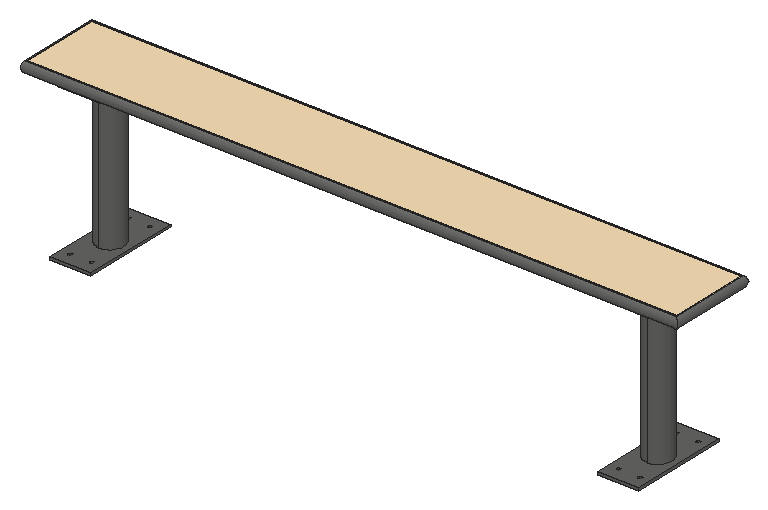
Revit family "Locker_Benches-Salsbury_Industries-Designer_Wood_77780D_Series", category Specialty Equipment, Revit 2016
Family settings
  Part Type = Normal
  Round Connector Dimension = Use Diameter
  OmniClass Number = 23.40.00.00
  OmniClass Title = Equipment and Furnishings
  Work Plane-Based = No
  Always vertical = Yes
  Cut with Voids When Loaded = No
  Shared = No
  Room Calculation Point = No
Parameters (values of type "77786D")
  Width = 72.375"
  Version = "1.0 (11/16/18)"
  URL = "www.lockers.com"
  Type Comments = "Designer Wood Locker Bench"
  Trim Material = Rubber Trim - Salsbury Finish - Black
  Secondary Material = Melamine - Salsbury Finish - White
  Pedestal Material = Aluminum - Salsbury Finish - Black Satin
  Primary Material = Wood Laminate - Salsbury Finish - Maple with Industrial Grade Particleboard Underlay
  Pedestal Offset = 6.000"
  OmniClass 23 Title = "Equipment and Furnishings"
  OmniClass 23 Number = "23.40.00.00"
  Model = "77786D"
  MasterFormat Title = "Locker Room Benches"
  MasterFormat Number = "10 51 53"
  Manufacturer = "Salsbury Industries"
  Height = 18.000"
  Description = "72 Inches Wide"
  Depth = 9.750"
  Assembly Code = "C1030310"
Types (7): name | Width | Pedestal Offset | Model | Description
  (no name) | 72.375" | 6.000" | "77786D" | "72 Inches Wide"
  77786D | 72.375" | 6.000" | "77786D" | "72 Inches Wide"
  77787D | 84.375" | 12.000" | "77787D" | "84 Inches Wide"
  77788D | 96.375" | 12.000" | "77788D" | "96 Inches Wide"
  77785D | 60.375" | 6.000" | "77785D" | "60 Inches Wide"
  77784D | 48.375" | 6.000" | "77784D" | "48 Inches Wide"
  77783D | 36.375" | 6.000" | "77783D" | "36 Inches Wide"
Reference planes (in)
  plane 1 "Center (Front/Back)": y = 0
  plane 2 "Floor": z = 0
  plane 3 "Center (Left/Right)": x = 0
  plane 4 "Back of Bench": y = -4.875
  plane 5 "Front Side of Bench": y = 4.875
  plane 6 "Right Side of Bench": x = 36.1875
  plane 7 "Left Side of Bench": x = -36.1875
  plane 8 "Top of Bench": z = 18
  plane 9: z = 16.8125
  plane 10: y = -4.2349
  plane 11: z = 17.9375
  plane 12 "Left Side of Trim Curve": x = -35.9375
  plane 13 "Right Side of Trim Curve": x = 35.9375
  plane 14 "Back of Trim Curve": y = -4.625
  plane 15 "Front of Trim Curve": y = 4.625
  plane 16 "Left Side of PLAM": x = -35.8125
  plane 17 "Right Side of PLAM": x = 35.8125
  plane 18: y = 4.25
  plane 19: y = -4.25
  plane 20 "Left Pedestal Center": x = -30.1875
  plane 21 "Right Pedestal Center": x = 30.1875
  plane 22: x = -32.4375
  plane 23: x = -27.9375
  plane 24: x = 27.9375
  plane 25: x = 32.4375
  plane 26: y = 4.25
  plane 27: y = -4.25
  plane 28: y = 5.5
  plane 29: y = -5.5
  plane 30 "Top of Bottom Pedestal Plate": z = 0.25
  plane 31 "Bottom of Top Pedestal Plate": z = 16.5625
  plane 32: y = -4
  plane 33: y = 4
  plane 34: x = -31.3745
  plane 35: x = -29.0005
  plane 36: x = 29.0005
  plane 37: x = 31.3745
  plane 38: x = -31.68885
  plane 39: x = -28.6875
  plane 40: x = 28.6875
  plane 41: x = 31.6875
  plane 42: y = -1.49831
  plane 43: y = 1.5
  plane 44 "Front of PLAM": y = 4.5
  plane 45 "Back of PLAM": y = -4.5
  plane 46 "White Melamine Edge": z = 16.8435
  plane 47 "Left Edge of Support": x = -27.6875
  plane 48 "Right Edge of Support": x = 27.6875
  plane 49: y = -2.25
  plane 50: y = 2.25
  plane 51: z = 15.3125
  plane 52: y = -1.75
  plane 53: y = 1.75
  plane 54: y = -2.219
  plane 55: y = 2.219
  plane 56: y = 1.781
  plane 57: y = -1.781
  plane 58: z = 15.3435
  plane 59: z = 16.7815
Forms (in)
  Extrusion 1, solid, material "Aluminum - Salsbury Finish - Black Satin" <- "Pedestal Material"
    sketch origin (0, 0, 0) x (1, 0, 0) y (0, 1, 0)
      loop
        line (-32.4375, 5.5) -> (-32.4375, -5.5) -> (-27.9375, -5.5) -> (-27.9375, 5.5) -> (-32.4375, 5.5)
    from 0 to 0.25
  Extrusion 2, solid, material "Aluminum - Salsbury Finish - Black Satin" <- "Pedestal Material"
    sketch origin (0, 0, 16.5625) x (0, -1, 0) y (1, 0, 0)
      loop
        line (-4.25, -32.4375) -> (4.25, -32.4375) -> (4.25, -27.9375) -> (-4.25, -27.9375) -> (-4.25, -32.4375)
    from 0 to 0.25
  Extrusion 3, solid, material "Aluminum - Salsbury Finish - Black Satin" <- "Pedestal Material"
    sketch origin (0, 0, 0.25) x (0, -1, 0) y (1, 0, 0)
      loop
        circle (0, -30.1875) r 1.5
    from 0 to 16.3125
  Extrusion 4, solid, material "Aluminum - Salsbury Finish - Black Satin" <- "Pedestal Material"
    sketch origin (0, 0, 0) x (-1, 0, 0) y (0, -1, 0)
      loop
        line (-32.4375, -5.5) -> (-27.9375, -5.5) -> (-27.9375, 5.5) -> (-32.4375, 5.5) -> (-32.4375, -5.5)
    from 0 to 0.25
  Extrusion 5, solid, material "Aluminum - Salsbury Finish - Black Satin" <- "Pedestal Material"
    sketch origin (0, 0, 16.5625) x (0, -1, 0) y (1, 0, 0)
      loop
        line (-4.25, 32.4375) -> (-4.25, 27.9375) -> (4.25, 27.9375) -> (4.25, 32.4375) -> (-4.25, 32.4375)
    from 0 to 0.25
  Extrusion 6, solid, material "Aluminum - Salsbury Finish - Black Satin" <- "Pedestal Material"
    sketch origin (0, 0, 0.25) x (0, -1, 0) y (1, 0, 0)
      loop
        circle (0, 30.1875) r 1.5
    from 0 to 16.3125
  Extrusion 7, void
    sketch origin (0, 0, 0) x (1, 0, 0) y (0, 1, 0)
      loop
        circle (-31.3745, 4) r 0.188
      loop
        circle (-29.0005, 4) r 0.188
      loop
        circle (-31.3745, -4) r 0.188
      loop
        circle (-29.0005, -4) r 0.188
    from 0 to 0.25
  Extrusion 8, void
    sketch origin (0, 0, 0) x (-1, 0, 0) y (0, -1, 0)
      loop
        circle (-31.3745, -4) r 0.188
      loop
        circle (-29.0005, -4) r 0.188
      loop
        circle (-31.3745, 4) r 0.188
      loop
        circle (-29.0005, 4) r 0.188
    from 0 to 0.25
  Sweep 9, solid, material "Rubber Trim - Salsbury Finish - Black" <- "Trim Material"
    path origin (0, 0, 18) x (0, -1, 0) y (1, 0, 0)
      loop
        line (4.875, -36.1875) -> (4.875, 36.1875) -> (-4.875, 36.1875) -> (-4.875, -36.1875) -> (4.875, -36.1875)
    profile origin (-36.1875, 0, 18) x (-1, 0, 0) y (0, 0, 1)
      loop
        line (-0.375, 0) -> (-0.375, -1.1875) -> (-0.25, -1.1875)
        arc (-0.25, -1.1875) -> (0.00021, -0.59375) -> (-0.25, 0) r 0.8296
        line (-0.25, 0) -> (-0.375, 0)
  Extrusion 10, solid, material "Melamine - Salsbury Finish - White" <- "Secondary Material"
    sketch origin (0, 0, 16.8435) x (1, 0, 0) y (0, 1, 0)
      loop
        line (-35.8125, 4.5) -> (-35.8125, -4.5) -> (35.8125, -4.5) -> (35.8125, 4.5) -> (-35.8125, 4.5)
    from 0 to -0.031
  Extrusion 11, solid, material "Wood Laminate - Salsbury Finish - Maple with Industrial Grade Particleboard Underlay" <- "Primary Material"
    sketch origin (0, 0, 18) x (0, -1, 0) y (1, 0, 0)
      loop
        line (-4.5, -35.8125) -> (4.5, -35.8125) -> (4.5, 35.8125) -> (-4.5, 35.8125) -> (-4.5, -35.8125)
    from -1.1565 to 0
  Extrusion 12, solid, material "Aluminum - Salsbury Finish - Black Satin" <- "Pedestal Material", detail levels medium+fine
    sketch origin (-27.6875, 0, 0) x (0, -1, 0) y (0, 0, 1)
      loop
        line (2.25, 16.8125) -> (-2.25, 16.8125) -> (-2.25, 15.3125) -> (-1.75, 15.3125) -> (-1.75, 15.3435) -> (-2.219, 15.3435) -> (-2.219, 16.7815) -> (2.219, 16.7815) -> (2.219, 15.3435) -> (1.75, 15.3435) -> (1.75, 15.3125) -> (2.25, 15.3125) -> (2.25, 16.8125)
    from -55.375 to 0
Cuts and joins
  Extrusion 7, Extrusion 8 cuts Extrusion 1
  Extrusion 8 cuts Extrusion 4
Lines and regions (in)
  symbolic lines
    curve 1: line (-32.4375, 5.5, 0) -> (-27.9375, 5.5, 0)
    curve 2: line (-27.9375, 5.5, 0) -> (-27.9375, 4.875, 0)
    curve 3: line (-32.4375, 5.5, 0) -> (-32.4375, 4.875, 0)
    curve 4: line (-32.4375, -5.5, 0) -> (-27.9375, -5.5, 0)
    curve 5: line (-27.9375, -5.5, 0) -> (-27.9375, -4.875, 0)
    curve 6: line (-32.4375, -5.5, 0) -> (-32.4375, -4.875, 0)
    curve 7: line (27.9375, 5.5, 0) -> (32.4375, 5.5, 0)
    curve 8: line (32.4375, 5.5, 0) -> (32.4375, 4.875, 0)
    curve 9: line (27.9375, 5.5, 0) -> (27.9375, 4.875, 0)
    curve 10: line (27.9375, -5.5, 0) -> (32.4375, -5.5, 0)
    curve 11: line (32.4375, -5.5, 0) -> (32.4375, -4.875, 0)
    curve 12: line (27.9375, -5.5, 0) -> (27.9375, -4.875, 0)
    curve 13: line (-36.1875, 0, 18) -> (36.1875, 0, 18)
    curve 14: line (-36.1875, 0, 16.8125) -> (-36.1875, 0, 18)
    curve 15: line (36.1875, 0, 16.8125) -> (-36.1875, 0, 16.8125)
    curve 16: line (36.1875, 0, 18) -> (36.1875, 0, 16.8125)
    curve 17: line (-32.4375, 0, 16.5625) -> (-27.9375, 0, 16.5625)
    curve 18: line (-32.4375, 0, 16.8125) -> (-32.4375, 0, 16.5625)
    curve 19: line (-27.9375, 0, 16.5625) -> (-27.9375, 0, 16.8125)
    curve 20: line (-32.4375, 0, 0.25) -> (-27.9375, 0, 0.25)
    curve 21: line (-32.4375, 0, 0) -> (-32.4375, 0, 0.25)
    curve 22: line (-27.9375, 0, 0) -> (-32.4375, 0, 0)
    curve 23: line (-27.9375, 0, 0.25) -> (-27.9375, 0, 0)
    curve 24: line (-31.68885, 0, 0.25) -> (-31.68885, 0, 16.5625)
    curve 25: line (-28.6875, 0, 0.25) -> (-28.6875, 0, 16.5625)
    curve 26: line (27.9375, 0, 16.5625) -> (27.9375, 0, 16.8125)
    curve 27: line (32.4375, 0, 16.5625) -> (27.9375, 0, 16.5625)
    curve 28: line (32.4375, 0, 16.8125) -> (32.4375, 0, 16.5625)
    curve 29: line (27.9375, 0, 0.25) -> (32.4375, 0, 0.25)
    curve 30: line (27.9375, 0, 0) -> (27.9375, 0, 0.25)
    curve 31: line (32.4375, 0, 0) -> (27.9375, 0, 0)
    curve 32: line (32.4375, 0, 0.25) -> (32.4375, 0, 0)
    curve 33: line (28.6875, 0, 0.25) -> (28.6875, 0, 16.5625)
    curve 34: line (31.6875, 0, 0.25) -> (31.6875, 0, 16.5625)
    curve 35: line (36.1875, -4.875, 18) -> (36.1875, 4.875, 18)
    curve 36: line (36.1875, -4.875, 16.8125) -> (36.1875, -4.875, 18)
    curve 37: line (36.1875, 4.875, 16.8125) -> (36.1875, -4.875, 16.8125)
    curve 38: line (36.1875, 4.875, 18) -> (36.1875, 4.875, 16.8125)
    curve 39: line (36.1875, -4.25, 16.5625) -> (36.1875, -4.25, 16.8125)
    curve 40: line (36.1875, 4.25, 16.5625) -> (36.1875, -4.25, 16.5625)
    curve 41: line (36.1875, 4.25, 16.8125) -> (36.1875, 4.25, 16.5625)
    curve 42: line (36.1875, -5.5, 0.25) -> (36.1875, 5.5, 0.25)
    curve 43: line (36.1875, -5.5, 0) -> (36.1875, -5.5, 0.25)
    curve 44: line (36.1875, 5.5, 0) -> (36.1875, -5.5, 0)
    curve 45: line (36.1875, 5.5, 0.25) -> (36.1875, 5.5, 0)
    curve 46: line (36.1875, 1.5, 0.25) -> (36.1875, 1.5, 16.5625)
    curve 47: line (36.1875, -1.49831, 0.25) -> (36.1875, -1.49831, 16.5625)
    curve 48: line (-36.1875, 4.875, 18) -> (36.1875, 4.875, 18)
    curve 49: line (-36.1875, -4.875, 18) -> (-36.1875, 4.875, 18)
    curve 50: line (36.1875, -4.875, 18) -> (-36.1875, -4.875, 18)
    curve 51: line (36.1875, 4.875, 18) -> (36.1875, -4.875, 18)
Dimensions and locks (in)
  equal spacing: plane 7 "Left Side of Bench", plane 3 "Center (Left/Right)", plane 6 "Right Side of Bench"
  "Width": plane 7 "Left Side of Bench" to plane 6 "Right Side of Bench"
  equal spacing: plane 4 "Back of Bench", plane 1 "Center (Front/Back)", plane 5 "Front Side of Bench"
  "Depth": plane 4 "Back of Bench" to plane 5 "Front Side of Bench"
  "Height": plane 8 "Top of Bench" to plane 2 "Floor"
  locked: plane 9 to plane 8 "Top of Bench" at 1.1875
  locked: plane 11 to plane 8 "Top of Bench" at 0.0625
  locked: plane 7 "Left Side of Bench" to plane 12 "Left Side of Trim Curve" at 0.25
  locked: plane 13 "Right Side of Trim Curve" to plane 6 "Right Side of Bench" at 0.25
  plane 4 "Back of Bench" to plane 14 "Back of Trim Curve" to plane 45 "Back of PLAM" = 0.250" locked, 0.125" locked
  plane 44 "Front of PLAM" to plane 15 "Front of Trim Curve" to plane 5 "Front Side of Bench" = 0.125" locked, 0.250" locked
  locked: plane 12 "Left Side of Trim Curve" to plane 16 "Left Side of PLAM" at 0.125
  locked: plane 17 "Right Side of PLAM" to plane 13 "Right Side of Trim Curve" at 0.125
  locked: plane 18 to plane 5 "Front Side of Bench" at 0.625
  locked: plane 4 "Back of Bench" to plane 19 at 0.625
  "Pedestal Offset": plane 7 "Left Side of Bench" to plane 20 "Left Pedestal Center"
  "Pedestal Offset": plane 21 "Right Pedestal Center" to plane 6 "Right Side of Bench"
  plane 24 to plane 21 "Right Pedestal Center" to plane 25 = 2.250" locked, 2.250" locked
  plane 22 to plane 20 "Left Pedestal Center" to plane 23 = 2.250" locked, 2.250" locked
  plane 27 to plane 1 "Center (Front/Back)" to plane 26 = 4.250" locked, 4.250" locked
  plane 29 to plane 1 "Center (Front/Back)" to plane 28 = 5.500" locked, 5.500" locked
  locked: plane 30 "Top of Bottom Pedestal Plate" to plane 2 "Floor" at 0.25
  locked: plane 9 to plane 31 "Bottom of Top Pedestal Plate" at 0.25
  locked: plane 33 to plane 28 at 1.5
  locked: plane 29 to plane 32 at 1.5
  locked: plane 22 to plane 34 at 1.063
  locked: plane 35 to plane 23 at 1.063
  locked: plane 24 to plane 36 at 1.063
  locked: plane 37 to plane 25 at 1.063
  locked: plane 22 to plane 38 at 0.74865
  locked: plane 39 to plane 23 at 0.75
  locked: plane 24 to plane 40 at 0.75
  locked: plane 41 to plane 25 at 0.75
  locked: plane 9 to plane 46 "White Melamine Edge" at 0.031
  locked: plane 23 to plane 47 "Left Edge of Support" at 0.25
  locked: plane 48 "Right Edge of Support" to plane 24 at 0.25
  plane 49 to plane 1 "Center (Front/Back)" to plane 50 = 2.250" locked, 2.250" locked
  locked: plane 51 to plane 9 at 1.5
  locked: plane 49 to plane 52 at 0.5
  locked: plane 53 to plane 50 at 0.5
  locked: plane 51 to plane 58 at 0.031
  locked: plane 55 to plane 50 at 0.031
  locked: plane 53 to plane 56 at 0.031
  locked: plane 49 to plane 54 at 0.031
  locked: plane 57 to plane 52 at 0.031
  locked: plane 59 to plane 9 at 0.031
  aligned and locked: plane 2 "Floor" to level
  aligned and locked: Extrusion 1 sketch curve to plane 28
  aligned and locked: Extrusion 1 sketch curve to plane 22
  aligned and locked: plane 29 to Extrusion 1 sketch curve
  aligned and locked: plane 23 to Extrusion 1 sketch curve
  aligned and locked: Extrusion 1 to plane 30 "Top of Bottom Pedestal Plate"
  aligned and locked: Extrusion 1 to plane 2 "Floor"
  aligned and locked: Extrusion 2 sketch curve to plane 26
  aligned and locked: plane 22 to Extrusion 2 sketch curve
  aligned and locked: plane 27 to Extrusion 2 sketch curve
  aligned and locked: Extrusion 2 sketch curve to plane 23
  aligned and locked: plane 31 "Bottom of Top Pedestal Plate" to Extrusion 2
  aligned and locked: Extrusion 2 to plane 9
  aligned and locked: plane 20 "Left Pedestal Center" to Extrusion 3 sketch curve
  aligned and locked: plane 1 "Center (Front/Back)" to Extrusion 3 sketch curve
  aligned and locked: plane 30 "Top of Bottom Pedestal Plate" to Extrusion 3
  aligned and locked: Extrusion 3 to plane 31 "Bottom of Top Pedestal Plate"
  aligned and locked: Extrusion 4 sketch curve to plane 28
  aligned and locked: plane 24 to Extrusion 4 sketch curve
  aligned and locked: Extrusion 4 sketch curve to plane 25
  aligned and locked: plane 29 to Extrusion 4 sketch curve
  aligned and locked: Extrusion 4 to plane 2 "Floor"
  aligned and locked: plane 24 to Extrusion 5 sketch curve
  aligned and locked: Extrusion 5 sketch curve to plane 26
  aligned and locked: plane 27 to Extrusion 5 sketch curve
  aligned and locked: Extrusion 5 sketch curve to plane 25
  aligned and locked: Extrusion 5 to plane 9
  aligned and locked: plane 31 "Bottom of Top Pedestal Plate" to Extrusion 5
  aligned and locked: plane 21 "Right Pedestal Center" to Extrusion 6 sketch curve
  aligned and locked: plane 1 "Center (Front/Back)" to Extrusion 6 sketch curve
  aligned and locked: plane 34 to Extrusion 7 sketch curve  (x2)
  aligned and locked: plane 33 to Extrusion 7 sketch curve  (x2)
  aligned and locked: plane 35 to Extrusion 7 sketch curve  (x2)
  aligned and locked: plane 32 to Extrusion 7 sketch curve  (x2)
  aligned and locked: Extrusion 7 to plane 30 "Top of Bottom Pedestal Plate"
  aligned and locked: Extrusion 7 to plane 2 "Floor"
  aligned and locked: Extrusion 8 to plane 2 "Floor"
  aligned and locked: Extrusion 8 to plane 30 "Top of Bottom Pedestal Plate"
  aligned and locked: Extrusion 8 sketch curve to plane 33  (x2)
  aligned and locked: plane 36 to Extrusion 8 sketch curve  (x2)
  aligned and locked: plane 37 to Extrusion 8 sketch curve  (x2)
  aligned and locked: Extrusion 8 sketch curve to plane 32  (x2)
  aligned and locked: Extrusion 6 to plane 31 "Bottom of Top Pedestal Plate"
  aligned and locked: plane 30 "Top of Bottom Pedestal Plate" to Extrusion 6
  aligned and locked: curve 1 to plane 28
  aligned and locked: curve 2 to plane 28
  aligned and locked: plane 5 "Front Side of Bench" to curve 2
  aligned and locked: plane 23 to curve 2
  aligned and locked: plane 22 to curve 3
  aligned and locked: curve 4 to plane 29
  aligned and locked: curve 5 to plane 23
  aligned and locked: curve 6 to plane 22
  aligned and locked: plane 28 to curve 7
  aligned and locked: plane 24 to curve 9
  aligned and locked: plane 28 to curve 8
  aligned and locked: plane 25 to curve 8
  aligned and locked: plane 29 to curve 10
  aligned and locked: curve 12 to plane 24
  aligned and locked: plane 4 "Back of Bench" to curve 11
  aligned and locked: curve 11 to plane 25
  aligned and locked: curve 14 to plane 7 "Left Side of Bench"
  aligned and locked: plane 6 "Right Side of Bench" to curve 16
  aligned and locked: curve 13 to plane 8 "Top of Bench"
  aligned and locked: curve 15 to plane 9
  aligned and locked: plane 31 "Bottom of Top Pedestal Plate" to curve 17
  aligned and locked: curve 19 to plane 23
  aligned and locked: plane 22 to curve 18
  aligned and locked: plane 2 "Floor" to curve 22
  aligned and locked: plane 23 to curve 23
  aligned and locked: plane 30 "Top of Bottom Pedestal Plate" to curve 20
  aligned and locked: curve 21 to plane 22
  aligned and locked: plane 30 "Top of Bottom Pedestal Plate" to curve 24
  aligned and locked: plane 31 "Bottom of Top Pedestal Plate" to curve 24
  aligned and locked: curve 24 to plane 38
  aligned and locked: curve 25 to plane 39
  aligned and locked: curve 27 to plane 31 "Bottom of Top Pedestal Plate"
  aligned and locked: curve 26 to plane 24
  aligned and locked: plane 25 to curve 28
  aligned and locked: plane 2 "Floor" to curve 31
  aligned and locked: curve 30 to plane 24
  aligned and locked: plane 25 to curve 32
  aligned and locked: plane 30 "Top of Bottom Pedestal Plate" to curve 29
  aligned and locked: plane 30 "Top of Bottom Pedestal Plate" to curve 33
  aligned and locked: plane 31 "Bottom of Top Pedestal Plate" to curve 33
  aligned and locked: curve 33 to plane 40
  aligned and locked: curve 34 to plane 41
  aligned and locked: plane 5 "Front Side of Bench" to curve 38
  aligned and locked: curve 36 to plane 4 "Back of Bench"
  aligned and locked: plane 26 to curve 41
  aligned and locked: curve 39 to plane 27
  aligned and locked: plane 2 "Floor" to curve 44
  aligned and locked: plane 28 to curve 45
  aligned and locked: curve 43 to plane 29
  aligned and locked: plane 30 "Top of Bottom Pedestal Plate" to curve 46
  aligned and locked: plane 31 "Bottom of Top Pedestal Plate" to curve 46
  aligned and locked: plane 30 "Top of Bottom Pedestal Plate" to curve 47
  aligned and locked: plane 31 "Bottom of Top Pedestal Plate" to curve 47
  aligned and locked: curve 46 to plane 43
  aligned and locked: curve 47 to plane 42
  aligned and locked: plane 8 "Top of Bench" to curve 35
  aligned and locked: curve 37 to plane 9
  aligned and locked: plane 9 to Sweep 9 sketch curve
  aligned and locked: plane 8 "Top of Bench" to Sweep 9 sketch curve
  aligned and locked: plane 16 "Left Side of PLAM" to Sweep 9 sketch curve
  aligned and locked: Sweep 9 sketch curve to plane 5 "Front Side of Bench"
  aligned and locked: Sweep 9 sketch curve to plane 7 "Left Side of Bench"
  aligned and locked: Sweep 9 sketch curve to plane 6 "Right Side of Bench"
  aligned and locked: Sweep 9 sketch curve to plane 4 "Back of Bench"
  aligned and locked: Extrusion 10 sketch curve to plane 45 "Back of PLAM"
  aligned and locked: plane 17 "Right Side of PLAM" to Extrusion 10 sketch curve
  aligned and locked: plane 44 "Front of PLAM" to Extrusion 10 sketch curve
  aligned and locked: Extrusion 10 sketch curve to plane 16 "Left Side of PLAM"
  aligned and locked: Extrusion 10 to plane 46 "White Melamine Edge"
  aligned and locked: plane 9 to Extrusion 10
  aligned and locked: Extrusion 11 sketch curve to plane 45 "Back of PLAM"
  aligned and locked: plane 17 "Right Side of PLAM" to Extrusion 11 sketch curve
  aligned and locked: plane 44 "Front of PLAM" to Extrusion 11 sketch curve
  aligned and locked: Extrusion 11 sketch curve to plane 16 "Left Side of PLAM"
  aligned and locked: plane 46 "White Melamine Edge" to Extrusion 11
  aligned and locked: Extrusion 11 to plane 8 "Top of Bench"
  aligned and locked: plane 9 to Extrusion 12 sketch curve
  aligned and locked: Extrusion 12 sketch curve to plane 51
  aligned and locked: plane 50 to Extrusion 12 sketch curve
  aligned and locked: Extrusion 12 sketch curve to plane 49
  aligned and locked: plane 51 to Extrusion 12 sketch curve
  aligned and locked: plane 53 to Extrusion 12 sketch curve
  aligned and locked: Extrusion 12 sketch curve to plane 58
  aligned and locked: plane 55 to Extrusion 12 sketch curve
  aligned and locked: plane 59 to Extrusion 12 sketch curve
  aligned and locked: Extrusion 12 sketch curve to plane 54
  aligned and locked: plane 52 to Extrusion 12 sketch curve
  aligned and locked: plane 58 to Extrusion 12 sketch curve
  aligned and locked: plane 47 "Left Edge of Support" to Extrusion 12
  aligned and locked: Extrusion 12 to plane 48 "Right Edge of Support"
  aligned and locked: curve 50 to plane 4 "Back of Bench"
  aligned and locked: plane 6 "Right Side of Bench" to curve 51
  aligned and locked: curve 49 to plane 7 "Left Side of Bench"
  aligned and locked: plane 5 "Front Side of Bench" to curve 48
Automatic sketch dimensions
  plane 5 "Front Side of Bench" to curve 9 = 0.000"
  plane 5 "Front Side of Bench" to curve 8 = 0.000"
  plane 5 "Front Side of Bench" to curve 3 = 0.000"
  plane 4 "Back of Bench" to curve 5 = 0.000"
  plane 4 "Back of Bench" to curve 6 = 0.000"
  plane 4 "Back of Bench" to curve 12 = 0.000"
  Sweep 9 sketch curve to Sweep 9 sketch curve = 0.45439"
  Sweep 9 sketch curve to Sweep 9 sketch curve = 0.125"  (x2)
  radius of Extrusion 3 sketch curve = 1.500"
  radius of Extrusion 6 sketch curve = 1.500"
  radius of Extrusion 7 sketch curve = 0.188"  (x4)
  radius of Extrusion 8 sketch curve = 0.188"  (x4)
